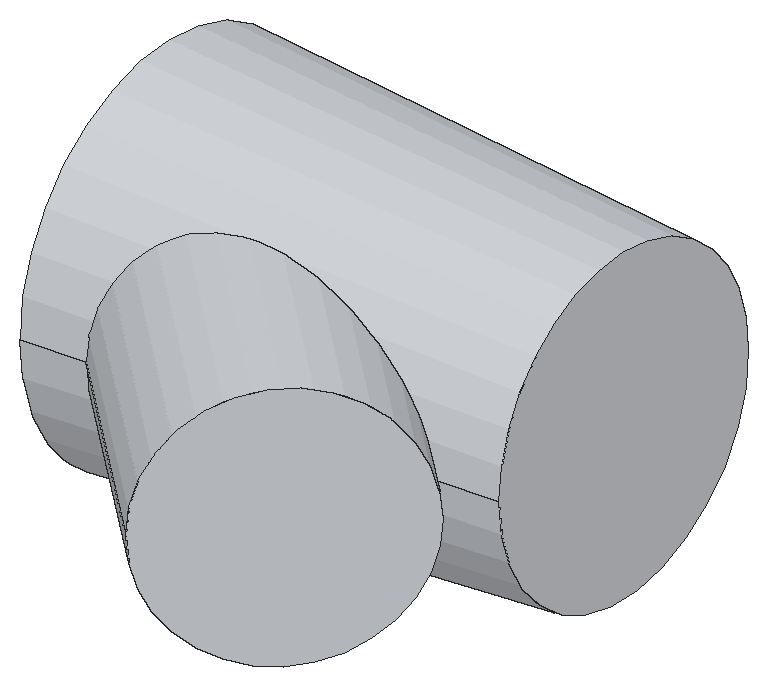
Revit family "9b876eac1ffe490dba62687b52b94bd3", category Duct Fittings, Revit 2021
Family settings
  Round Connector Dimension = Use Radius
  Part Type = Lateral Tee
  OmniClass Number = 23.75.70.14
  OmniClass Title = Air Ductwork
  Seek Item ID = Round Wye - Lateral - Tapered Body-0000-USA-ENU
  Work Plane-Based = No
  Always vertical = Yes
  Cut with Voids When Loaded = No
  Shared = No
Parameters (values of type "Standard")
  Width Offset 7 [instance] = Width Offset 1 + Length 4 - Half Duct Length 2 - Shoulder Length 1  # 430.20605"
  Width Offset 6 [instance] = if(Width Offset 1 > Width Offset 2 + Min Duct Length 1, Width Offset 1, Width Offset 2 + Min Duct Length 1)  # 444.79395"
  Width Offset 5 [instance] = if(Width Offset 2 > Width Offset 1, Width Offset 1, Width Offset 7)  # 430.20605"
  Width Offset 4 [instance] = Width Offset 1 + Duct Length 3 Label * cos(Angle)  # 441.37974"
  Width Offset 3 [instance] = if(Angle < 90.00°, Width Offset 2 + Shoulder Length 1 + Duct Radius 3 * sin(Angle), Width Offset 2 + Shoulder Length 1 + 2 * Half Duct Length 2 - Duct Radius 3 * sin(Angle))  # 435.03447"
  Width Offset 2 [instance] = Width Offset 1 + Length 4 - Half Duct Length 2 - Shoulder Length 1  # 430.20605"
  Width Offset 1 [instance] = 36' 0"  # 432"
  Void Length 2 [instance] = if(Angle > 90.00°, if(-Width Offset 1 + (Width Offset 7 + Duct Length 1) > Duct Radius 3 * sin(Angle), 0' 0 1/8", Duct Radius 3 * sin(Angle) - (Width Offset 7 + Duct Length 1) + Width Offset 1), 0' 0 1/8")  # 1/8"
  Void Length 1 [instance] = if(Angle < 90.00°, if(Width Offset 1 - Width Offset 7 > Duct Radius 3 * sin(Angle), 0' 0 1/8", Duct Radius 3 * sin(Angle) + Width Offset 7 - Width Offset 1), 0' 0 1/8")  # 1.03447"
  Shoulder Length 3 [instance] = 0' 2"  # 2"
  Shoulder Length 2 [instance] = 0' 2"  # 2"
  Shoulder Length 1 [instance] = 0' 2"  # 2"
  Min Duct Length 1 [instance] = Shoulder Length 1 + 2 * Half Duct Length 2 + Shoulder Length 2  # 14.58791"
  Max Duct Radius 12 [instance] = if(Duct Radius 1 > Duct Radius 2, Duct Radius 1, Duct Radius 2)  # 6"
  Length 6 [instance] = Duct Length 3 Label * sin(Angle)  # 9.37974"
  Length 56 [instance] = if(Duct Radius 1 > Duct Radius 2, Length 54, Length 55)  # 0.8629"
  Length 55 [instance] = -Length 1 * Shoulder Length 2 / (Shoulder Length 1 + Shoulder Length 2 + 2 * Half Duct Length 2)  # -0.1371"
  Length 54 [instance] = Length 1 * (Shoulder Length 1 + 2 * Half Duct Length 2) / (Shoulder Length 1 + Shoulder Length 2 + 2 * Half Duct Length 2)  # 0.8629"
  Length 53 [instance] = if(Duct Radius 1 > Duct Radius 2, Length 51, Length 52)  # 0.1371"
  Length 52 [instance] = -Length 1 * (Shoulder Length 2 + 2 * Half Duct Length 2) / (Shoulder Length 1 + Shoulder Length 2 + 2 * Half Duct Length 2)  # -0.8629"
  Length 51 [instance] = Length 1 * Shoulder Length 1 / (Shoulder Length 1 + Shoulder Length 2 + 2 * Half Duct Length 2)  # 0.1371"
  Length 4 [instance] = if(not(Angle = 90.00°), Length 33 / tan(Angle), 0' 0")  # 5 1/2"
  Length 33 [instance] = if(Duct Radius 1 > Duct Radius 2, Length 31, Length 32)  # 5 1/2"
  Length 32 [instance] = Max Duct Radius 12 + Length 1 * (Shoulder Length 2 + Half Duct Length 2) / (Shoulder Length 1 + Shoulder Length 2 + 2 * Half Duct Length 2)  # 6 1/2"
  Length 31 [instance] = Max Duct Radius 12 - Length 1 * (Shoulder Length 1 + Half Duct Length 2) / (Shoulder Length 1 + Shoulder Length 2 + 2 * Half Duct Length 2)  # 5 1/2"
  Length 2 [instance] = Shoulder Length 1 * sin(Angle) + Shoulder Length 2 * sin(Angle) + Length 1 * cos(Angle) - 2 * Duct Radius 3  # -4.46447"
  Length 1 [instance] = Duct Radius 1 - Duct Radius 2  # 1"
  Half Duct Length 2 [instance] = (-Length 2 + sqrt(Length 2 ^ 2 + 8 * sin(Angle) * (Shoulder Length 1 + Shoulder Length 2) * Duct Radius 3)) / (4 * sin(Angle))  # 5.29395"
  Duct Radius 3 [instance] = 4"
  Duct Radius 2 [instance] = 5"
  Duct Radius 1 [instance] = 6"
  Duct Length 3 Label 3 [instance] = if(Duct Length 3 Label 1 > Duct Length 3 Label 2, Duct Length 3 Label 1, Duct Length 3 Label 2) + Shoulder Length 3  # 13.26496"
  Duct Length 3 Label 2 [instance] = (Max Duct Radius 12 - Length 56 + Duct Radius 3 * cos(Angle)) / sin(Angle)  # 11.26496"
  Duct Length 3 Label 1 [instance] = (Max Duct Radius 12 - Length 53 - Duct Radius 3 * cos(Angle)) / sin(Angle)  # 4.29139"
  Duct Length 3 Label [instance] = if(Duct Length 3 > Duct Length 3 Label 3, Duct Length 3, Duct Length 3 Label 3)  # 13.26496"
  Duct Length 3 [instance] = 8"
  Duct Length 1 [instance] = Shoulder Length 1 + 2 * Half Duct Length 2 + Shoulder Length 2  # 14.58791"
  Duct Diameter 3 [instance] = Duct Radius 3 * 2  # 8"
  Duct Diameter 2 [instance] = Duct Radius 2 * 2  # 10"
  Duct Diameter 1 [instance] = Duct Radius 1 * 2  # 12"
  Default Elevation = 0' - 0"
  Angle [instance] = 45.00°
Reference planes (in)
  plane 1 "Center (Front/Back)": y = 0
  plane 2: z = 0
  plane 3 "Center (Left/Right)": x = 0
  plane 4: x = -432
  plane 5 "S1": x = -1.79395
  plane 6 "S2": x = 12.79395
  plane 7 "Left End": x = -1.79395
  plane 8: x = 9.37974
  plane 9: x = 0.20605
  plane 10: x = 5.5
  plane 11: x = 10.79395
  plane 12 "Right End": x = 12.79395
  plane 13: x = -2.82843
  plane 14: x = 12.91895
  plane 15: y = -6
  plane 16: y = -9.37974
  plane 17: y = -5.8629
  plane 18: y = -5.1371
Forms (in)
  Sweep 1, solid, detail levels medium+fine
    path in 3D
      loop
        line (9.37974, -9.37974, 0) -> (0, 0, 0)
    profile origin (4.68987, -4.68987, 0) x (-0.707107, -0.707107, 0) y (0, 0, 1)
      loop
        circle (0, 0) r 4
  Blend 2, solid, detail levels medium+fine
    base sketch origin (0, 0, 0) x (0, 1, 0) y (0, 0, 1)
      loop
        circle (0, 0) r 6
    top sketch origin (0, 0, 0) x (0, 1, 0) y (0, 0, 1)
      loop
        circle (0, 0) r 5
    from -1.79395 to 12.79395
  Extrusion 3, void
    sketch origin (0, 0, 0) x (0, 1, 0) y (0, 0, 1)
      loop
        circle (0, 0) r 6
    from -2.82843 to -1.79395
  Extrusion 4, void
    sketch origin (0, 0, 0) x (0, 1, 0) y (0, 0, 1)
      loop
        circle (0, 0) r 5
    from 12.79395 to 12.91895
Cuts and joins
  Extrusion 3, Extrusion 4 cuts Sweep 1
  joined: Sweep 1, Blend 2
Lines and regions (in)
  model lines, detail levels coarse
    curve 1: line (9.37974, -9.37974, 0) -> (0, 0, 0)
    curve 2: line (-1.79395, 0, 0) -> (12.79395, 0, 0)
  sketch lines
    curve 3: line (9.37974, -9.37974, 0) -> (0, 0, 0)
Dimensions and locks (in)
  "Width Offset 1": plane 4 to plane 3 "Center (Left/Right)"
  "Width Offset 4": plane 4 to plane 8
  "Width Offset 5": plane 4 to plane 5 "S1"
  "Width Offset 6": plane 4 to plane 6 "S2"
  "Width Offset 7": plane 4 to plane 7 "Left End"
  "Shoulder Length 1": plane 7 "Left End" to plane 9
  "Half Duct Length 2": plane 9 to plane 10
  equal spacing: plane 9, plane 10, plane 11
  "Shoulder Length 2": plane 11 to plane 12 "Right End"
  "Void Length 1": plane 13 to plane 7 "Left End"
  "Void Length 2": plane 12 "Right End" to plane 14
  "Max Duct Radius 12": plane 15 to plane 1 "Center (Front/Back)"
  "Length 6": plane 16 to plane 1 "Center (Front/Back)"
  "Length 53": plane 17 to plane 15
  "Length 56": plane 18 to plane 15
  "Duct Length 3 Label": curve 1 to curve 1
  "Duct Radius 3": radius of Sweep 1 sketch curve
  "Duct Radius 1": radius of Blend 2 sketch curve
  "Duct Radius 2": radius of Blend 2 sketch curve
  "Duct Radius 1": radius of Extrusion 3 sketch curve
  "Duct Radius 2": radius of Extrusion 4 sketch curve
  "Angle": angle curve 1 to plane 1 "Center (Front/Back)"
  aligned and locked: plane 3 "Center (Left/Right)" to curve 1
  aligned and locked: plane 1 "Center (Front/Back)" to curve 1
  aligned and locked: plane 5 "S1" to curve 2
  aligned and locked: plane 6 "S2" to curve 2
  aligned and locked: plane 1 "Center (Front/Back)" to curve 2
  aligned and locked: plane 1 "Center (Front/Back)" to Blend 2 sketch curve  (x2)
  aligned and locked: plane 2 to Blend 2 sketch curve  (x2)
  aligned and locked: Blend 2 to plane 7 "Left End"
  aligned and locked: Blend 2 to plane 12 "Right End"
  aligned and locked: plane 1 "Center (Front/Back)" to Extrusion 3 sketch curve
  aligned and locked: plane 2 to Extrusion 3 sketch curve
  aligned and locked: Extrusion 3 to plane 13
  aligned and locked: plane 7 "Left End" to Extrusion 3
  aligned and locked: plane 1 "Center (Front/Back)" to Extrusion 4 sketch curve
  aligned and locked: plane 2 to Extrusion 4 sketch curve
  aligned and locked: Extrusion 4 to plane 14
  aligned and locked: plane 12 "Right End" to Extrusion 4
Automatic sketch dimensions
  Sweep 1 sketch curve to profile plane = 0' - 0"
  profile plane to Sweep 1 sketch curve = 0' - 0"
Connectors (in)
  hvac at (-1.79395, 0, 0), driven by "Duct Radius 1"
    settings: on cut or joined group of Sweep 1, Blend 2, Extrusion 3, Extrusion 4, index 1, duct flow 0 CFM, flow factor 0, pres drop 0.00 in-wg, loss coef 0, conn angle 0.00°, conn width 12", conn height 12", conn diameter 12", duct sys type 28, conn prof type 0, flow config 0, flow direction 0, loss method 0, conn ref index 2, conn util no, is conn primary yes, conn desc ""
  hvac at (12.79395, 0, 0), driven by "Duct Radius 2"
    settings: on cut or joined group of Sweep 1, Blend 2, Extrusion 3, Extrusion 4, index 2, duct flow 0 CFM, flow factor 0, pres drop 0.00 in-wg, loss coef 0, conn angle 0.00°, conn width 12", conn height 12", conn diameter 10", duct sys type 28, conn prof type 0, flow config 0, flow direction 0, loss method 0, conn ref index 1, conn util no, is conn primary no, conn desc ""
  hvac at (9.37974, -9.37974, 0), driven by "Duct Radius 3", driven by "Angle"
    settings: on cut or joined group of Sweep 1, Blend 2, Extrusion 3, Extrusion 4, index 3, duct flow 0 CFM, flow factor 0, pres drop 0.00 in-wg, loss coef 0, conn angle 45.00°, conn width 12", conn height 12", conn diameter 8", duct sys type 28, conn prof type 0, flow config 0, flow direction 0, loss method 0, conn ref index -1, conn util no, is conn primary no, conn desc ""
